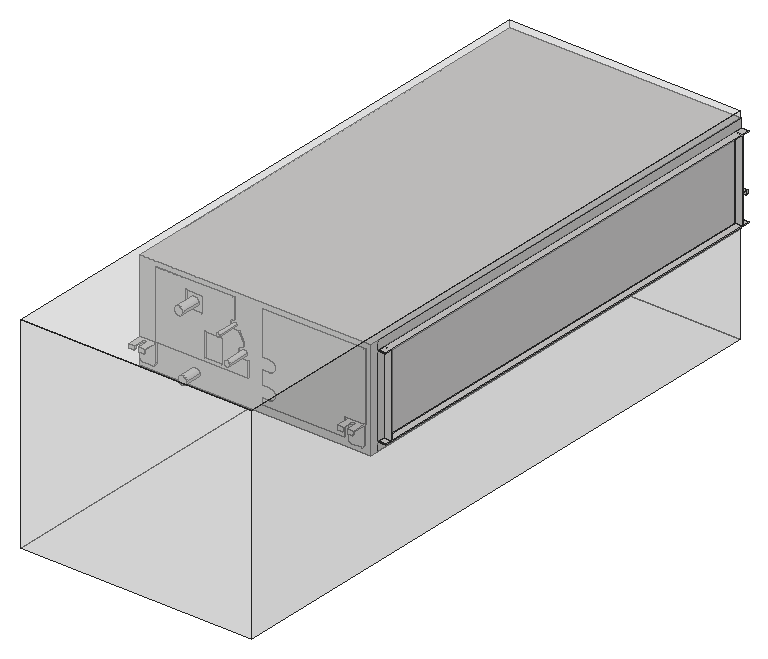
Revit family "outputfile", category 機械設備, Revit 2024
Family settings
  丸型コネクタ寸法 = 半径を使用
  パーツ タイプ = 標準
  OmniClass 番号 = 23.75.10.24.21.27.27
  OmniClass タイトル = Split System Air Conditioning Units
  作業面ベース = いいえ
  常に垂直 = はい
  ロード時にボイドで切り取り = いいえ
  注釈の向きを維持 = いいえ
  共有 = いいえ
  部屋計算ポイント = はい
Parameters (values of type "FDMA100AV1A")
  Description = ""
  製造元 = "Daikin"
  書き出し IFC クラス(タイプ) = "IfcUnitaryEquipmentType"
  定義済み IFC タイプ(タイプ) = "AIRCONDITIONINGUNIT"
  Cost = 0
  モデル = "FDMA100AV1A"
  Type Comments = ""
  Keynote = ""
  Type Image = (empty or 0)
  Assembly Code = ""
  switch_frequency = yes
  r_Liquid Pipe Size = Liquid Pipe Size / 2  # 4.75 mm
  r_Gas Pipe Size = Gas Pipe Size / 2  # 7.95 mm
  r_Drain Pipe Size = Drain Pipe Size / 2  # 12.5 mm
  lw_power = 395.0 mm  # constant formula
  lw_mountinghole1 = if(Depth = 1000.0 mm, 27.0 mm, if(Depth = 1400.0 mm, 28.0 mm, 27.0 mm))  # 28.0 mm
  lh_SA = 165.0 mm  # constant formula
  lw_SA = if(Depth = 550.0 mm, 225.0 mm, if(Depth = 700.0 mm, 300.0 mm, if(Depth = 1000.0 mm, 435.0 mm, if(Depth = 1400.0 mm, 635.0 mm, 725.0 mm))))  # 635.0 mm
  lw_RA = if(Depth = 550.0 mm, 275.0 mm, if(Depth = 700.0 mm, 349.0 mm, if(Depth = 1000.0 mm, 513.0 mm, if(Depth = 1400.0 mm, 713.0 mm, 775.0 mm))))  # 713.0 mm
  lh_power = 60.0 mm + [h***]  # 60.0 mm
  lh_mountinghole1 = lh_mountinghole + [h***]  # 80.0 mm
  lh_RA = 150.0 mm  # constant formula
  ld_power = Depth / 2  # 700.0 mm
  connector_voltage = Voltage_50Hz  # 230 V
  connector_powerinput = [Power Input (Cooling)]  # 2.790 kW
  connector_phase = Phase_50Hz  # 1
  Voltage_comment_50Hz = "220 - 240"
  Voltage_50Hz = 230 V
  URL = ""
  Total Heating Capacity [instance] = 0.000 kW
  Supply Air Direction [instance] = yes
  Sound Power Level_H speed (dB) = 55
  Power Input (Heating) = 3.110 kW
  Phase_50Hz = 1
  Nominal Heating Capacity = 12.000 kW
  Minimum External Static Pressure = 50.00 Pa
  Minimum Circuit Amps_50Hz = 0.0 A
  Maximum Fuse Amps_50Hz = 0.0 A
  Maximum External Static Pressure = 200.00 Pa
  Material_Casing = DAIKIN_GalvanizedSteel_Casing_indoorunit
  lw_mountinghole = 631.0 mm  # constant formula
  lh_gaspipe = 144.0 mm + [h***]  # 144.0 mm
  lh_mountinghole = 80.0 mm  # constant formula
  lh_liquidpipe = 212.0 mm + [h***]  # 212.0 mm
  lh_drainpipe = 232.0 mm + [h***]  # 232.0 mm
  lh_antena = Height - lh_mountinghole + 1.0 mm  # 221.0 mm
  ld_drainpipe = Depth / 2 + 59.0 mm  # 759.0 mm
  ld_liquidpipe = Depth / 2 + 65.0 mm  # 765.0 mm
  ld_gaspipe = Depth / 2 + 65.0 mm  # 765.0 mm
  ld_mountinghole = Depth + 38.0 mm  # 1438.0 mm
  h*** = 0.0 mm  # constant formula
  lw_liquidpipe = 290.0 mm  # constant formula
  lw_gaspipe = 290.0 mm + 28.0 mm  # 318.0 mm
  lw_drainpipe = 167.0 mm  # constant formula
  Width = 700.0 mm
  Version = "ver.1.0"
  Unit Type = "Duct"
  Unit Mass Weight = 93.00 kg
  Unit Designation [instance] = ""
  Uniclass2015Version = "Products v1.30"
  Uniclass2015Title = "Split coil room air conditioning units"
  Uniclass2015Code = "Pr_70_65_03_86"
  Total Cooling Capacity [instance] = 0.000 kW
  Sound Pressure Level_M speed (dBA) = 35.5
  Sound Pressure Level_L speed (dBA) = 3
  Sound Pressure Level_H speed (dBA) = 38
  Series = "SkyAir_Fan Coil Unit"
  Sensible Cooling Capacity [instance] = 0.000 kW
  SA Duct Size Width = 1160.0 mm
  SA Duct Size Height = 215.0 mm
  Refrigerant Type = "R32"
  RA Duct Size Width = 1325.0 mm
  RA Duct Size Height = 247.0 mm
  Power Input (Cooling) = 2.790 kW
  Option Accessory 3 [instance] = ""
  Option Accessory 2 [instance] = ""
  Option Accessory 1 [instance] = ""
  Nominal Cooling Capacity = 10.000 kW
  Minimum Airflow = 1380.00 m³/h
  Median Airflow = 1650.00 m³/h
  Maximum Airflow = 1920.00 m³/h
  Load Classification = HVAC
  Liquid Pipe Size = 9.5 mm
  Link_Nested Family [instance] = ""
  IfcVersion = ""
  IfcExportType = "AIRCONDITIONINGUNIT"
  IfcExportAs = "IfcUnitaryEquipmentType"
  Height = 300.0 mm
  Heating Entering Wet Bulb Temperature [instance] = -273.15 °C
  Heating Entering Dry Bulb Temperature [instance] = -273.15 °C
  Heating Ambient Wet Bulb Temperature [instance] = -273.15 °C
  Heating Ambient Dry Bulb Temperature [instance] = -273.15 °C
  Heat Exchanger Type = "Cross Fin Coil"
  Gas Pipe Size = 15.9 mm
  Frequency_50Hz = 50 Hz
  Fan Type = "Sirocco Fan"
  Fan Drive = "-"
  FCU Tag No. [instance] = ""
  Drain Pipe Size = 25.0 mm
  Design Supply Airflow [instance] = 0.00 m³/h
  Design Return Airflow [instance] = 0.00 m³/h
  Design External Static Pressure [instance] = 0.00 Pa
  Depth = 1400.0 mm
  既定の高さ = 0.0 mm
  Cooling Entering Wet Bulb Temperature [instance] = 0.00 °C
  Cooling Entering Dry Bulb Temperature [instance] = 0.00 °C
  Cooling Ambient Wet Bulb Temperature [instance] = 0.00 °C
  Cooling Ambient Dry Bulb Temperature [instance] = 0.00 °C
  Clearance visibility [instance] = yes
  Clearance Top = 20.0 mm
  Clearance Right = 0.0 mm
  Clearance Rear = 0.0 mm
  Clearance Left = 0.0 mm
  Clearance Front = 450.0 mm
  Clearance Bottom = 300.0 mm
Reference planes
  plane 1 "Center (Front/Back)": y = 0
  plane 2 "h": z = 0
  plane 3 "Center (Left/Right)": x = 0
  plane 4 "Back": y = 700
  plane 5 "Front": y = -700
  plane 6 "Left": x = -350
  plane 7 "Right": x = 350
  plane 8 "Top": z = 0
  plane 9 "Bottom": z = -300
  plane 10: y = -215
  plane 11: y = 700
  plane 12: y = -1150
  plane 13: x = -350
  plane 14: x = 350
  plane 15: z = 20
  plane 16: z = -600
  plane 17: x = -350
  plane 18: x = -349
  plane 19: x = 349
  plane 20: y = 65
  plane 21: y = 13
  plane 22: z = -150
  plane 23: y = -701
  plane 24: z = -88
  plane 25: x = -60
  plane 26: y = -765
  plane 27: z = -156
  plane 28: x = -32
  plane 29: y = -759
  plane 30: z = -68
  plane 31: x = -183
  plane 32: x = -183
  plane 33: x = -60
  plane 34: x = -32
  plane 35: x = 45
  plane 36: x = -322
  plane 37: x = 309
  plane 38: y = -719
  plane 39: y = 719
  plane 40: z = -220
  plane 41: z = -135
  plane 42: y = -765
  plane 43: y = -376
  plane 44: y = -699
  plane 45: x = -373
  plane 46: x = 373
  plane 47: y = -749
Forms (mm)
  Extrusion 1, solid, material "DAIKIN_GalvanizedSteel_Casing_indoorunit" <- "Material_Casing"
    sketch origin (0, 0, 0) x (1, 0, 0) y (0, 1, 0)
      loop
        line (-349, 700) -> (-349, -700) -> (349, -700) -> (349, 700) -> (-349, 700)
    from -300 to 0
  Extrusion 2, solid, material "DAIKIN_GalvanizedSteel_Casing_indoorunit" <- "Material_Casing"
    sketch origin (0, 0, 0) x (1, 0, 0) y (0, 0, 1)
      loop
        line (-298.499, -219) -> (-20, -219) -> (-20, -172.5) -> (-37.831, -172.5)
        arc (-37.831, -172.5) -> (-49.389, -154.034) -> (-34, -138.615) r 17.5
        line (-34, -138.615) -> (-34, -127.5) -> (-47, -100.5) -> (-63.571, -100.5)
        arc (-63.571, -100.5) -> (-72.874, -86.197) -> (-60, -75) r 13
        line (-60, -75) -> (-60, -14) -> (-298.499, -14) -> (-298.499, -219)
      loop
        line (-158.5, -43.5) -> (-207.5, -43.5) -> (-207.5, -92.5) -> (-158.5, -92.5) -> (-158.5, -43.5)
      loop
        line (-150.563, -137.796) -> (-150.563, -209.857) -> (-96.517, -209.857) -> (-96.517, -137.796) -> (-150.563, -137.796)
    from 700 to 701
  Extrusion 3, solid, material "DAIKIN_GalvanizedSteel_Casing_indoorunit" <- "Material_Casing"
    sketch origin (0, 0, 0) x (1, 0, 0) y (0, 0, 1)
      loop
        line (23.104, -274.802) -> (272.104, -274.802) -> (272.104, -219.802) -> (335, -219.802) -> (335, -15.8) -> (23.104, -15.8) -> (23.104, -146.302) -> (46.104, -146.302)
        arc (46.104, -146.302) -> (63.604, -163.802) -> (46.104, -181.302) r 17.5
        line (46.104, -181.302) -> (23.104, -181.302) -> (23.104, -222.302) -> (46.104, -222.302)
        arc (46.104, -222.302) -> (63.604, -239.802) -> (46.104, -257.302) r 17.5
        line (46.104, -257.302) -> (23.104, -257.302) -> (23.104, -274.802)
    from 700 to 701
  Extrusion 4, solid, material "DAIKIN_GalvanizedSteel_Casing_indoorunit" <- "Material_Casing"
    sketch origin (0, 0, 0) x (1, 0, 0) y (0, 0, 1)
      loop
        circle (-60, -88) r 4.75
    from 700 to 765
  Extrusion 5, solid, material "DAIKIN_GalvanizedSteel_Casing_indoorunit" <- "Material_Casing"
    sketch origin (0, 0, 0) x (1, 0, 0) y (0, 0, 1)
      loop
        circle (-32, -156) r 7.95
    from 700 to 765
  Extrusion 6, solid, material "DAIKIN_GalvanizedSteel_Casing_indoorunit" <- "Material_Casing"
    sketch origin (0, 0, 0) x (1, 0, 0) y (0, 0, 1)
      loop
        circle (-183, -68) r 12.5
    from 700 to 759
  Extrusion 7, solid, material "DAIKIN_GalvanizedSteel_Casing_indoorunit" <- "Material_Casing"
    sketch origin (0, 0, 0) x (1, 0, 0) y (0, 0, 1)
      loop
        circle (-180, -260) r 12.5
    from 700 to 749
Dimensions and locks
  "Height": plane 8 "Top" to plane 9 "Bottom"
  equal spacing: plane 4 "Back", plane 1 "Center (Front/Back)", plane 5 "Front"
  "Depth": plane 4 "Back" to plane 5 "Front"
  equal spacing: plane 6 "Left", plane 3 "Center (Left/Right)", plane 7 "Right"
  "Width": plane 6 "Left" to plane 7 "Right"
  "Clearance Left": plane 13 to plane 6 "Left"
  "Clearance Right": plane 7 "Right" to plane 14
  "Clearance Rear": plane 11 to plane 4 "Back"
  "Clearance Front": plane 5 "Front" to plane 12
  "Clearance Top": plane 15 to plane 8 "Top"
  "Clearance Bottom": plane 9 "Bottom" to plane 16
  locked: plane 17 to plane 18 at 1
  locked: plane 19 to plane 14 at 1
  "lw_RA": plane 21 to plane 5 "Front"
  "lh_RA": plane 22 to plane 9 "Bottom"
  locked: plane 5 "Front" to plane 23 at 1
  "lw_liquidpipe": plane 25 to plane 6 "Left"
  "lh_liquidpipe": plane 24 to plane 9 "Bottom"
  "lh_gaspipe": plane 27 to plane 9 "Bottom"
  "lw_gaspipe": plane 28 to plane 6 "Left"
  "ld_gaspipe": plane 26 to plane 1 "Center (Front/Back)"
  "ld_drainpipe": plane 29 to plane 1 "Center (Front/Back)"
  "lh_drainpipe": plane 30 to plane 9 "Bottom"
  "lw_drainpipe": plane 31 to plane 6 "Left"
  "lw_drainpipe": plane 6 "Left" to plane 32
  "lw_liquidpipe": plane 6 "Left" to plane 33
  "lw_gaspipe": plane 6 "Left" to plane 34
  "lw_power": plane 6 "Left" to plane 35
  "lw_mountinghole1": plane 17 to plane 36
  "lw_mountinghole": plane 36 to plane 37
  equal spacing: plane 38, plane 1 "Center (Front/Back)", plane 39
  "ld_mountinghole": plane 39 to plane 38
  "lh_mountinghole": plane 40 to plane 9 "Bottom"
  "lh_SA": plane 41 to plane 9 "Bottom"
  locked: plane 44 to plane 5 "Front" at 1
  locked: plane 45 to plane 17 at 23
  locked: plane 14 to plane 46 at 23
  "ld_liquidpipe": plane 42 to plane 1 "Center (Front/Back)"
  locked: Extrusion 7 sketch curve to plane 18 at 169
  locked: Extrusion 7 sketch curve to plane 9 "Bottom" at 40
  locked: Extrusion 2 sketch curve to Extrusion 2 sketch curve at 205
  locked: Extrusion 2 sketch curve to Extrusion 2 sketch curve at 86.5
  locked: Extrusion 2 sketch curve to Extrusion 2 sketch curve at 72
  locked: Extrusion 2 sketch curve to Extrusion 2 sketch curve at 49  (x2)
  locked: Extrusion 2 sketch curve to Extrusion 2 sketch curve at 29.5
  locked: Extrusion 2 sketch curve to Extrusion 2 sketch curve at 72.061
  locked: Extrusion 2 sketch curve to Extrusion 2 sketch curve at 54.046
  locked: Extrusion 2 sketch curve to Extrusion 2 sketch curve at 98.5
  Extrusion 2 sketch curve to connector elem = 40.0 mm
  locked: Extrusion 2 sketch curve to Extrusion 2 sketch curve at 9.143
  locked: Extrusion 2 sketch curve to plane 18 at 50.501
  locked: plane 5 "Front" to plane 47 at 49
  "lw_SA": plane 4 "Back" to plane 20
  "r_Liquid Pipe Size": radius of Extrusion 4 sketch curve
  "r_Gas Pipe Size": radius of Extrusion 5 sketch curve
  "r_Drain Pipe Size": radius of Extrusion 6 sketch curve
  aligned and locked: level to plane 2 "h"
  aligned and locked: plane 8 "Top" to Extrusion 1
  aligned and locked: Extrusion 1 to plane 9 "Bottom"
  aligned and locked: nested 5 to plane 12
  aligned and locked: plane 13 to nested 5
  aligned and locked: plane 14 to nested 5
  aligned and locked: nested 5 to plane 13
  aligned and locked: plane 11 to nested 5
  aligned and locked: plane 15 to nested 5
  aligned and locked: plane 16 to nested 5
  aligned and locked: plane 5 "Front" to Extrusion 1 sketch curve
  aligned and locked: Extrusion 1 to plane 18
  aligned and locked: plane 19 to Extrusion 1
  aligned and locked: nested 7 to plane 18
  aligned and locked: nested 7 to plane 20
  aligned and locked: plane 19 to nested 8
  aligned and locked: plane 21 to nested 8
  aligned and locked: plane 22 to nested 8
  aligned and locked: Extrusion 2 to plane 23
  aligned and locked: plane 5 "Front" to Extrusion 2
  aligned and locked: plane 5 "Front" to Extrusion 3
  aligned and locked: Extrusion 4 sketch curve to plane 25
  aligned and locked: plane 24 to Extrusion 4 sketch curve
  aligned and locked: plane 5 "Front" to Extrusion 4
  aligned and locked: Extrusion 5 sketch curve to plane 28
  aligned and locked: plane 27 to Extrusion 5 sketch curve
  aligned and locked: plane 5 "Front" to Extrusion 5
  aligned and locked: Extrusion 6 sketch curve to plane 31
  aligned and locked: Extrusion 6 sketch curve to plane 30
  aligned and locked: Extrusion 6 to plane 29
  aligned and locked: nested 3 to plane 29
  aligned and locked: nested 3 to plane 32
  aligned and locked: nested 2 to plane 33
  aligned and locked: nested 1 to plane 34
  aligned and locked: Extrusion 5 to plane 26
  aligned and locked: nested 1 to plane 26
  aligned and locked: nested 6 to plane 5 "Front"
  aligned and locked: nested 6 to plane 35
  aligned and locked: plane 36 to nested 10
  aligned and locked: nested 10 to plane 5 "Front"
  aligned and locked: plane 37 to nested 9
  aligned and locked: nested 9 to plane 5 "Front"
  aligned and locked: nested 11 to plane 36
  aligned and locked: plane 4 "Back" to nested 11
  aligned and locked: nested 12 to plane 37
  aligned and locked: plane 4 "Back" to nested 12
  aligned and locked: plane 40 to nested 10
  aligned and locked: plane 40 to nested 11
  aligned and locked: plane 40 to nested 9
  aligned and locked: plane 40 to nested 12
  aligned and locked: plane 36 to nested 14
  aligned and locked: nested 14 to plane 39
  aligned and locked: plane 37 to nested 13
  aligned and locked: nested 13 to plane 39
  aligned and locked: plane 37 to nested 16
  aligned and locked: plane 38 to nested 16
  aligned and locked: plane 38 to nested 15
  aligned and locked: plane 36 to nested 15
  aligned and locked: plane 17 to plane 6 "Left"
  aligned and locked: plane 41 to nested 7
  aligned and locked: Extrusion 4 to plane 42
  aligned and locked: nested 2 to plane 42
  aligned and locked: Extrusion 3 to plane 23
  aligned and locked: nested 17 to plane 20
  aligned and locked: nested 17 to plane 45
  aligned and locked: plane 21 to nested 18
  aligned and locked: plane 46 to nested 18
  aligned and locked: plane 41 to nested 17
  aligned and locked: nested 18 to plane 22
  aligned and locked: nested 4 to plane 3 "Center (Left/Right)"
  aligned and locked: plane 1 "Center (Front/Back)" to nested 4
  aligned and locked: level to plane 8 "Top"
  aligned and locked: plane 5 "Front" to Extrusion 6
  aligned and locked: plane 5 "Front" to Extrusion 7
  aligned and locked: Extrusion 7 to plane 47
Automatic sketch dimensions
  plane 6 "Left" to Extrusion 1 sketch curve = 1.0 mm
  Extrusion 1 sketch curve to plane 7 "Right" = 1.0 mm
  Extrusion 1 sketch curve to plane 4 "Back" = 0.0 mm
  Extrusion 2 sketch curve to Extrusion 2 sketch curve = 13.0 mm
  Extrusion 2 sketch curve to Extrusion 2 sketch curve = 16.571 mm
  plane 41 to Extrusion 2 sketch curve = 7.5 mm
  Extrusion 2 sketch curve to plane 41 = 3.615 mm
  Extrusion 2 sketch curve to Extrusion 2 sketch curve = 2.0 mm
  Extrusion 2 sketch curve to Extrusion 2 sketch curve = 5.831 mm
  plane 40 to Extrusion 2 sketch curve = 1.0 mm
  Extrusion 2 sketch curve to Extrusion 2 sketch curve = 12.5 mm
  Extrusion 2 sketch curve to plane 33 = 90.563 mm
  plane 3 "Center (Left/Right)" to Extrusion 3 sketch curve = 23.104 mm
  Extrusion 3 sketch curve to level = 15.8 mm
  Extrusion 3 sketch curve to plane 19 = 14.0 mm
  plane 40 to Extrusion 3 sketch curve = 0.198 mm
  Extrusion 3 sketch curve to plane 37 = 36.896 mm
  plane 9 "Bottom" to Extrusion 3 sketch curve = 25.198 mm  (x2)
  Extrusion 2 sketch curve to plane 33 = 147.5 mm
  Extrusion 2 sketch curve to Extrusion 2 sketch curve = 17.831 mm
  plane 35 to Extrusion 3 sketch curve = 1.104 mm  (x2)
  plane 22 to Extrusion 3 sketch curve = 3.698 mm
  Extrusion 3 sketch curve to plane 40 = 2.302 mm
  Extrusion 3 sketch curve to Extrusion 3 sketch curve = 17.5 mm
  Extrusion 3 sketch curve to plane 22 = 31.302 mm
  Extrusion 3 sketch curve to plane 35 = 21.896 mm
  Extrusion 3 sketch curve to Extrusion 3 sketch curve = 0.0 mm
  radius of Extrusion 7 sketch curve = 12.5 mm
Nested families
  nested 1: "daikin_connector_rotate2" at (-32, 0, -156), length <- "ld_gaspipe", built-in parameter 1001364 <- "lh_gaspipe", radius <- "r_Gas Pipe Size", type "daikin_connector_rotate2"
    with radius 7.95 mm, length 765.0 mm, angle_vertical 90.00°
  nested 2: "daikin_connector_rotate2" at (-60, 0, -88), length <- "ld_liquidpipe", built-in parameter 1001364 <- "lh_liquidpipe", radius <- "r_Liquid Pipe Size", type "daikin_connector_rotate2"
    with radius 4.75 mm, length 765.0 mm, angle_vertical 90.00°
  nested 3: "daikin_connector_rotate2" at (-183, 0, -68), length <- "ld_drainpipe", built-in parameter 1001364 <- "lh_drainpipe", radius <- "r_Drain Pipe Size", type "daikin_connector_rotate2"
    with radius 12.5 mm, length 759.0 mm, angle_vertical 90.00°
  nested 4: "daikin_△_symbolicline" at (0, 0, 300) x (0, -1, 0) z (0, 0, 1), built-in parameter 1001364 <- "Height", visible <- "Supply Air Direction", type "daikin_△_symbolicline"
    with length 200.0 mm
  nested 5: "daikin_clearancespace" at (0, -225, -289.881), visible <- "Clearance visibility", show <- "Clearance visibility", Link_Nested Family <- "Link_Nested Family", type "daikin_clearancespace"
    with width 700.0 mm, show yes, height 620.0 mm, depth 1850.0 mm, Link_Nested Family ""
  nested 6: "daikin_connector_rotate2" at (45, 0, -240), built-in parameter 1001364 <- "lh_power", length <- "ld_power", type "daikin_connector_rotate2"
    with radius 10.0 mm, length 700.0 mm, angle_vertical 90.00°
  nested 7: "daikin_ductflange_FDMA-AV1A2" at (-349, 65, -135) x (0, -1, 0) z (0, 0, 1), type "daikin_ductflange_FDMA-AV1A2"
    with width 1160.0 mm, w 1400.0 mm
  nested 8: "daikin_ductflange_FDMA-AV1A" at (349, 13, -150) x (0, 1, 0) z (0, 0, 1), type "daikin_ductflange_FDMA-AV1A"
    with width 1325.0 mm, w 1400.0 mm
  nested 9: "daikin_hangerfixture_FDMA-AV1A" at (309, -700, -220), type "daikin_hangerfixture_FDMA-AV1A"
  nested 10: "daikin_hangerfixture_FDMA-AV1A" at (-322, -700, -220), type "daikin_hangerfixture_FDMA-AV1A"
  nested 11: "daikin_hangerfixture_FDMA-AV1A" at (-322, 700, -220) x (-1, 0, 0) z (0, 0, 1), type "daikin_hangerfixture_FDMA-AV1A"
  nested 12: "daikin_hangerfixture_FDMA-AV1A" at (309, 700, -220) x (-1, 0, 0) z (0, 0, 1), type "daikin_hangerfixture_FDMA-AV1A"
  nested 13: "daikin_mountinghole" at (309, 719, -300), h_mountinghole <- "lh_mountinghole1", l_antenna <- "lh_antena", Link_Nested Family <- "Link_Nested Family", type "daikin_mountinghole"
    with show yes, l_antenna 221.0 mm, h_mountinghole 80.0 mm, Link_Nested Family ""
  nested 14: "daikin_mountinghole" at (-322, 719, -300), h_mountinghole <- "lh_mountinghole1", l_antenna <- "lh_antena", Link_Nested Family <- "Link_Nested Family", type "daikin_mountinghole"
    with show yes, l_antenna 221.0 mm, h_mountinghole 80.0 mm, Link_Nested Family ""
  nested 15: "daikin_mountinghole" at (-322, -719, -300), h_mountinghole <- "lh_mountinghole1", l_antenna <- "lh_antena", Link_Nested Family <- "Link_Nested Family", type "daikin_mountinghole"
    with show yes, l_antenna 221.0 mm, h_mountinghole 80.0 mm, Link_Nested Family ""
  nested 16: "daikin_mountinghole" at (309, -719, -300), h_mountinghole <- "lh_mountinghole1", l_antenna <- "lh_antena", Link_Nested Family <- "Link_Nested Family", type "daikin_mountinghole"
    with show yes, l_antenna 221.0 mm, h_mountinghole 80.0 mm, Link_Nested Family ""
  nested 17: "daikin_connector_rotate2" at (-349, 65, -135) x (0, -1, 0) z (0, 0, 1), type "daikin_connector_rotate2"
    with radius 10.0 mm, length 24.0 mm, angle_vertical 90.00°
  nested 18: "daikin_connector_rotate2" at (349, 13, -150) x (0, 1, 0) z (0, 0, 1), type "daikin_connector_rotate2"
    with radius 10.0 mm, length 24.0 mm, angle_vertical 90.00°
Connectors
  piping at (-183, -759, -68), diameter 25, driven by "r_Drain Pipe Size"
    settings: on nested 3, index 3, connector inside diameter 609.6 mm, connector length 0.0 mm, flow factor 0, pipe flow 0.00 m³/h, pressure drop 0.0 Pa, fitting loss kfactor 0, connector angle 0.00°, fixture units 0, engagement length 0.0 mm, angle of deflection 0.00°, flow configuration 1, flow direction 2, fitting loss method 4, system type 16, joint type 0, gender type 0, connector reference index -1, connector utility 0, adjustable connector no, is connector primary yes, connector description "Condensate Drain Piping"
  piping at (-32, -765, -156), diameter 15.9, driven by "r_Gas Pipe Size"
    settings: on nested 1, index 4, connector inside diameter 609.6 mm, connector length 0.0 mm, flow factor 0, pipe flow 0.00 m³/h, pressure drop 0.0 Pa, fitting loss kfactor 0, connector angle 0.00°, fixture units 0, engagement length 0.0 mm, angle of deflection 0.00°, flow configuration 1, flow direction 2, fitting loss method 0, system type 29, joint type 0, gender type 0, connector reference index -1, connector utility 0, adjustable connector no, is connector primary no, connector description "Refrigerant Gas Piping"
  piping at (-60, -765, -88), diameter 9.5, driven by "r_Liquid Pipe Size"
    settings: on nested 2, index 5, connector inside diameter 609.6 mm, connector length 0.0 mm, flow factor 0, pipe flow 0.00 m³/h, pressure drop 0.0 Pa, fitting loss kfactor 0, connector angle 0.00°, fixture units 0, engagement length 0.0 mm, angle of deflection 0.00°, flow configuration 1, flow direction 1, fitting loss method 0, system type 29, joint type 0, gender type 0, connector reference index -1, connector utility 0, adjustable connector no, is connector primary no, connector description "Refrigerant Liquid Piping"
  electrical at (45, -700, -240), driven by "Load Classification", driven by "connector_phase", driven by "connector_powerinput", driven by "connector_voltage"
    settings: on nested 6, index 6, voltage 230 V, apparent load 2790 VA, apparent load phase1 0 VA, apparent load phase2 0 VA, apparent load phase3 0 VA, power factor 1, load classification "HVAC", number of poles 1, system type 30, power factor state 1, is connector primary yes, connector utility no, sub classification motor no, connector description "Power Supply"
  hvac at (-373, 65, -135), driven by "SA Duct Size Height", driven by "SA Duct Size Width"
    settings: on nested 17, index 7, duct flow 0.00 m³/h, flow factor 0, pres drop 0.00 Pa, loss coef 0, conn angle 0.00°, conn width 1160.0 mm, conn height 215.0 mm, conn diameter 609.6 mm, duct sys type 1, conn prof type 1, flow config 0, flow direction 2, loss method 4, conn ref index -1, conn util no, is conn primary yes, conn desc "SA Duct"
  hvac at (373, 13, -150), driven by "RA Duct Size Height", driven by "RA Duct Size Width"
    settings: on nested 18, index 8, duct flow 0.00 m³/h, flow factor 0, pres drop 0.00 Pa, loss coef 0, conn angle 0.00°, conn width 1325.0 mm, conn height 247.0 mm, conn diameter 609.6 mm, duct sys type 2, conn prof type 1, flow config 0, flow direction 1, loss method 4, conn ref index -1, conn util no, is conn primary no, conn desc "RA Duct"
Definition of nested family "daikin_clearancespace"
  Parameters (values of type "daikin_clearancespace")
    Description = "daikin_clearancespace"
    width [instance] = 1823.963 mm
    show [instance] = yes
    material = none
    height [instance] = 1359.762 mm
    depth [instance] = 880.0 mm
    Default Elevation = 0.0 mm
    Link_Nested Family [instance] = ""
  Reference planes
    plane 1 "Center (Front/Back)": y = 0
    plane 2 "Center (Elevation)": z = -0.119
    plane 3 "Center (Left/Right)": x = 0
    plane 4: y = 440
    plane 5: y = -440
    plane 6 "Right": x = 911.982
    plane 7 "Left": x = -911.982
    plane 8 "Top": z = 679.762
    plane 9 "Bottom": z = -680
  Forms (mm)
    Extrusion 1, solid, material <- "material", visible <- "show"
      sketch origin (0, 0, 0) x (1, 0, 0) y (0, 1, 0)
        loop
          line (-911.982, 440) -> (-911.982, -440) -> (911.982, -440) -> (911.982, 440) -> (-911.982, 440)
      from -680 to 679.762
  Lines and regions (mm)
    symbolic lines, visible <- "show"
      curve 1: line (911.982, 440, 0) -> (-911.982, 440, 0)
      curve 2: line (-911.982, 440, 0) -> (-911.982, -440, 0)
      curve 3: line (-911.982, -440, 0) -> (911.982, -440, 0)
      curve 4: line (911.982, -440, 0) -> (911.982, 440, 0)
      curve 5: line (911.982, 0, 679.762) -> (-911.982, 0, 679.762)
      curve 6: line (911.982, 0, -680) -> (911.982, 0, 679.762)
      curve 7: line (-911.982, 0, -680) -> (911.982, 0, -680)
      curve 8: line (-911.982, 0, 679.762) -> (-911.982, 0, -680)
      curve 9: line (0, 440, 679.762) -> (0, -440, 679.762)
      curve 10: line (0, -440, 679.762) -> (0, -440, -680)
      curve 11: line (0, 440, -680) -> (0, 440, 679.762)
      curve 12: line (0, -440, -680) -> (0, 440, -680)
  Dimensions and locks
    "width": plane 7 "Left" to plane 6 "Right"
    "depth": plane 4 to plane 5
    "height": plane 8 "Top" to plane 9 "Bottom"
    equal spacing: plane 7 "Left", plane 3 "Center (Left/Right)", plane 6 "Right"
    equal spacing: plane 4, plane 1 "Center (Front/Back)", plane 5
    equal spacing: plane 8 "Top", plane 2 "Center (Elevation)", plane 9 "Bottom"
    aligned and locked: level to plane 2 "Center (Elevation)"
    aligned and locked: Extrusion 1 sketch curve to plane 4
    aligned and locked: plane 7 "Left" to Extrusion 1 sketch curve
    aligned and locked: Extrusion 1 sketch curve to plane 5
    aligned and locked: Extrusion 1 sketch curve to plane 6 "Right"
    aligned and locked: plane 8 "Top" to Extrusion 1
    aligned and locked: curve 1 to Extrusion 1
    aligned and locked: curve 2 to Extrusion 1
    aligned and locked: curve 3 to Extrusion 1
    aligned and locked: curve 4 to Extrusion 1
    aligned and locked: curve 5 to Extrusion 1
    aligned and locked: curve 6 to Extrusion 1
    aligned and locked: curve 7 to Extrusion 1
    aligned and locked: curve 8 to Extrusion 1
    aligned and locked: curve 9 to Extrusion 1
    aligned and locked: curve 10 to Extrusion 1
    aligned and locked: curve 11 to Extrusion 1
    aligned and locked: curve 12 to Extrusion 1
    aligned and locked: Extrusion 1 to plane 9 "Bottom"
Definition of nested family "daikin_ductflange_FDMA-AV1A2"
  Parameters (values of type "daikin_ductflange_FBFC-DVM92")
    width = if(w = 550.0 mm, 337.0 mm, if(w = 700.0 mm, 492.0 mm, if(w = 1000.0 mm, 760.0 mm, if(w = 1400.0 mm, 1160.0 mm, 1337.0 mm))))  # 760.0 mm
    material = none
    height = 215.0 mm
    depth = 1.0 mm
    w = 1000.0 mm
    Default Elevation = 0.0 mm
  Reference planes
    plane 1 "Center (Front/Back)": y = 0
    plane 2: z = 0
    plane 3 "Center (Left/Right)": x = 0
    plane 4: z = 107.5
    plane 5: z = -107.5
    plane 6: y = -24
    plane 7: z = 132.5
    plane 8: z = 108.5
    plane 9: y = -1
    plane 10: x = -402.5
    plane 11: x = 402.5
    plane 12: z = -132.5
    plane 13: z = -108.5
    plane 14: y = -1
    plane 15: x = 380
    plane 16: x = -380
    plane 17: x = 381
    plane 18: z = 106.5
    plane 19: z = -106.5
    plane 20: x = -381
    plane 21: z = 106.5
    plane 22: z = -106.5
    plane 23: y = -1
  Forms (mm)
    Extrusion 1, solid, material <- "material"
      sketch origin (0, 0, 0) x (0, 1, 0) y (0, 0, 1)
        loop
          line (-24, 107.5) -> (0, 107.5) -> (0, 132.5) -> (-1, 132.5) -> (-1, 108.5) -> (-24, 108.5) -> (-24, 107.5)
      from -402.5 to 402.5
    Extrusion 2, solid, material <- "material"
      sketch origin (0, 0, 0) x (0, 1, 0) y (0, 0, 1)
        loop
          line (-24, -107.5) -> (-24, -108.5) -> (-1, -108.5) -> (-1, -132.5) -> (0, -132.5) -> (0, -107.5) -> (-24, -107.5)
      from -402.5 to 402.5
    Extrusion 3, solid, material <- "material"
      sketch origin (0, 0, 0) x (1, 0, 0) y (0, 0, 1)
        loop
          line (380, 107.5) -> (380, -107.5) -> (402.5, -107.5) -> (402.5, -106.5) -> (381, -106.5) -> (381, 106.5) -> (402.5, 106.5) -> (402.5, 107.5) -> (380, 107.5)
      from 0 to 24
    Extrusion 4, solid, material <- "material"
      sketch origin (0, 0, 0) x (1, 0, 0) y (0, 0, 1)
        loop
          line (-402.5, 107.5) -> (-402.5, 106.5) -> (-381, 106.5) -> (-381, -106.5) -> (-402.5, -106.5) -> (-402.5, -107.5) -> (-380, -107.5) -> (-380, 107.5) -> (-402.5, 107.5)
      from 0 to 24
    Extrusion 5, solid, material <- "material"
      sketch origin (0, 0, 0) x (1, 0, 0) y (0, 0, 1)
        loop
          line (-402.5, 107.5) -> (-402.5, -107.5) -> (-380, -107.5) -> (-380, 107.5) -> (-402.5, 107.5)
        loop
          line (402.5, 107.5) -> (380, 107.5) -> (380, -107.5) -> (402.5, -107.5) -> (402.5, 107.5)
      from 0 to 1
  Cuts and joins
    joined: Extrusion 1, Extrusion 2, Extrusion 3, Extrusion 4, Extrusion 5
  Dimensions and locks
    plane 4 to level to plane 5 = 107.5 mm, 107.5 mm
    locked: plane 6 to plane 1 "Center (Front/Back)" at 24
    locked: plane 9 to plane 1 "Center (Front/Back)" at 1
    locked: plane 8 to plane 4 at 1
    locked: plane 16 to plane 10 at 22.5
    locked: plane 17 to plane 15 at 1
    locked: plane 4 to plane 18 at 1
    locked: plane 19 to plane 5 at 1
    "width": plane 15 to plane 16
    plane 4 to plane 5 = 215.0 mm
    locked: plane 16 to plane 20 at 1
    locked: plane 4 to plane 21 at 1
    locked: plane 22 to plane 5 at 1
    locked: plane 23 to plane 1 "Center (Front/Back)" at 1
    plane 4 to level to plane 5 = 107.5 mm locked, 107.5 mm locked
    locked: plane 5 to plane 13 at 1
    locked: plane 5 to plane 12 at 25
    locked: plane 7 to plane 4 at 25
    equal spacing: plane 15, plane 3 "Center (Left/Right)", plane 16
    locked: plane 11 to plane 15 at 22.5
    plane 11 to plane 10 = 805.0 mm
    aligned and locked: level to plane 2
    aligned and locked: Extrusion 1 to plane 10
    aligned and locked: plane 11 to Extrusion 1
    aligned and locked: plane 5 to Extrusion 2
    aligned and locked: Extrusion 2 to plane 1 "Center (Front/Back)"
    aligned and locked: plane 15 to Extrusion 3 sketch curve
    aligned and locked: Extrusion 3 sketch curve to Extrusion 2  (x2)
    aligned and locked: Extrusion 3 sketch curve to plane 11
    aligned and locked: plane 6 to Extrusion 3
    aligned and locked: Extrusion 2 to plane 10
    aligned and locked: plane 11 to Extrusion 2
    aligned and locked: Extrusion 4 sketch curve to Extrusion 1  (x2)
    aligned and locked: plane 5 to Extrusion 4 sketch curve
    aligned and locked: Extrusion 4 sketch curve to plane 16
    aligned and locked: Extrusion 4 sketch curve to plane 22
    aligned and locked: plane 20 to Extrusion 4 sketch curve
    aligned and locked: plane 21 to Extrusion 4 sketch curve
    aligned and locked: Extrusion 4 to plane 1 "Center (Front/Back)"
    aligned and locked: plane 6 to Extrusion 4
    aligned and locked: Extrusion 5 sketch curve to Extrusion 1  (x4)
    aligned and locked: Extrusion 5 sketch curve to Extrusion 4  (x2)
    aligned and locked: Extrusion 5 sketch curve to Extrusion 3  (x2)
    aligned and locked: Extrusion 5 to plane 1 "Center (Front/Back)"
    aligned and locked: plane 23 to Extrusion 5
  Automatic sketch dimensions
    Extrusion 1 sketch curve to plane 6 = 0.0 mm
    Extrusion 1 sketch curve to plane 7 = 0.0 mm
    Extrusion 1 sketch curve to plane 9 = 0.0 mm
    Extrusion 1 sketch curve to plane 1 "Center (Front/Back)" = 0.0 mm
    Extrusion 1 sketch curve to plane 4 = 0.0 mm
    Extrusion 1 sketch curve to plane 8 = 0.0 mm
    Extrusion 2 sketch curve to plane 6 = 0.0 mm
    plane 12 to Extrusion 2 sketch curve = 0.0 mm
    Extrusion 2 sketch curve to plane 14 = 0.0 mm
    Extrusion 2 sketch curve to plane 1 "Center (Front/Back)" = 0.0 mm
    plane 13 to Extrusion 2 sketch curve = 0.0 mm
    Extrusion 2 sketch curve to plane 5 = 0.0 mm
    Extrusion 3 sketch curve to plane 17 = 0.0 mm
    Extrusion 3 sketch curve to plane 19 = 0.0 mm
    Extrusion 3 sketch curve to plane 18 = 0.0 mm
    Extrusion 3 sketch curve to plane 4 = 0.0 mm
    Extrusion 4 sketch curve to plane 10 = 0.0 mm
Definition of nested family "daikin_ductflange_FDMA-AV1A"
  Parameters (values of type "daikin_ductflange_FBFC-DVM9")
    width = if(w = 550.0 mm, 502.0 mm, if(w = 700.0 mm, 654.0 mm, if(w = 1000.0 mm, 925.0 mm, if(w = 1400.0 mm, 1325.0 mm, 1502.0 mm))))  # 925.0 mm
    material = none
    lw = if(width = 654.0 mm, 23.0 mm, 22.5 mm)  # 22.5 mm
    height = 247.0 mm
    depth = 1.0 mm
    w = 1000.0 mm
    Default Elevation = 0.0 mm
  Reference planes
    plane 1 "Center (Front/Back)": y = 0
    plane 2: z = 0
    plane 3 "Center (Left/Right)": x = 0
    plane 4: z = 123.5
    plane 5: z = -123.5
    plane 6: y = -24
    plane 7: z = 148.5
    plane 8: z = 124.5
    plane 9: y = -1
    plane 10: x = -485
    plane 11: x = 485
    plane 12: z = -149.5
    plane 13: z = -124.5
    plane 14: y = -1
    plane 15: x = 462.5
    plane 16: x = -462.5
    plane 17: x = 463.5
    plane 18: z = 122.5
    plane 19: z = -122.5
    plane 20: x = -463.5
    plane 21: z = 122.5
    plane 22: z = -122.5
    plane 23: y = -1
  Forms (mm)
    Extrusion 1, solid, material <- "material"
      sketch origin (0, 0, 0) x (0, 1, 0) y (0, 0, 1)
        loop
          line (-24, 123.5) -> (0, 123.5) -> (0, 148.5) -> (-1, 148.5) -> (-1, 124.5) -> (-24, 124.5) -> (-24, 123.5)
      from -485 to 485
    Extrusion 2, solid, material <- "material"
      sketch origin (0, 0, 0) x (0, 1, 0) y (0, 0, 1)
        loop
          line (-24, -123.5) -> (-24, -124.5) -> (-1, -124.5) -> (-1, -149.5) -> (0, -149.5) -> (0, -123.5) -> (-24, -123.5)
      from -485 to 485
    Extrusion 3, solid, material <- "material"
      sketch origin (0, 0, 0) x (1, 0, 0) y (0, 0, 1)
        loop
          line (462.5, 123.5) -> (462.5, -123.5) -> (485, -123.5) -> (485, -122.5) -> (463.5, -122.5) -> (463.5, 122.5) -> (485, 122.5) -> (485, 123.5) -> (462.5, 123.5)
      from 0 to 24
    Extrusion 4, solid, material <- "material"
      sketch origin (0, 0, 0) x (1, 0, 0) y (0, 0, 1)
        loop
          line (-485, 123.5) -> (-485, 122.5) -> (-463.5, 122.5) -> (-463.5, -122.5) -> (-485, -122.5) -> (-485, -123.5) -> (-462.5, -123.5) -> (-462.5, 123.5) -> (-485, 123.5)
      from 0 to 24
    Extrusion 5, solid, material <- "material"
      sketch origin (0, 0, 0) x (1, 0, 0) y (0, 0, 1)
        loop
          line (-485, 123.5) -> (-485, -123.5) -> (-462.5, -123.5) -> (-462.5, 123.5) -> (-485, 123.5)
        loop
          line (485, 123.5) -> (462.5, 123.5) -> (462.5, -123.5) -> (485, -123.5) -> (485, 123.5)
      from 0 to 1
  Cuts and joins
    joined: Extrusion 1, Extrusion 2, Extrusion 3, Extrusion 4, Extrusion 5
  Dimensions and locks
    plane 4 to level to plane 5 = 123.5 mm, 123.5 mm
    locked: plane 6 to plane 1 "Center (Front/Back)" at 24
    locked: plane 9 to plane 1 "Center (Front/Back)" at 1
    locked: plane 8 to plane 4 at 1
    "lw": plane 11 to plane 15
    "lw": plane 16 to plane 10
    locked: plane 17 to plane 15 at 1
    locked: plane 4 to plane 18 at 1
    locked: plane 19 to plane 5 at 1
    "width": plane 15 to plane 16
    equal spacing: plane 15, plane 3 "Center (Left/Right)", plane 16
    locked: plane 16 to plane 20 at 1
    locked: plane 4 to plane 21 at 1
    locked: plane 22 to plane 5 at 1
    locked: plane 23 to plane 1 "Center (Front/Back)" at 1
    locked: plane 7 to plane 4 at 25
    locked: plane 1 "Center (Front/Back)" to plane 14 at 1
    locked: plane 5 to plane 13 at 1
    "height": plane 4 to plane 5
    plane 11 to plane 10 = 970.0 mm
    locked: plane 12 to plane 13 at 25
    equal spacing: plane 4, level, plane 5
    aligned and locked: level to plane 2
    aligned and locked: Extrusion 1 to plane 10
    aligned and locked: plane 11 to Extrusion 1
    aligned and locked: plane 5 to Extrusion 2
    aligned and locked: Extrusion 2 to plane 1 "Center (Front/Back)"
    aligned and locked: plane 15 to Extrusion 3 sketch curve
    aligned and locked: Extrusion 3 sketch curve to Extrusion 2  (x2)
    aligned and locked: Extrusion 3 sketch curve to plane 11
    aligned and locked: plane 6 to Extrusion 3
    aligned and locked: Extrusion 2 to plane 10
    aligned and locked: plane 11 to Extrusion 2
    aligned and locked: Extrusion 4 sketch curve to Extrusion 1  (x2)
    aligned and locked: plane 5 to Extrusion 4 sketch curve
    aligned and locked: Extrusion 4 sketch curve to plane 16
    aligned and locked: Extrusion 4 sketch curve to plane 22
    aligned and locked: plane 20 to Extrusion 4 sketch curve
    aligned and locked: plane 21 to Extrusion 4 sketch curve
    aligned and locked: Extrusion 4 to plane 1 "Center (Front/Back)"
    aligned and locked: plane 6 to Extrusion 4
    aligned and locked: Extrusion 5 sketch curve to Extrusion 1  (x4)
    aligned and locked: Extrusion 5 sketch curve to Extrusion 4  (x2)
    aligned and locked: Extrusion 5 sketch curve to Extrusion 3  (x2)
    aligned and locked: Extrusion 5 to plane 1 "Center (Front/Back)"
    aligned and locked: plane 23 to Extrusion 5
  Automatic sketch dimensions
    Extrusion 1 sketch curve to plane 6 = 0.0 mm
    Extrusion 1 sketch curve to plane 7 = 0.0 mm
    Extrusion 1 sketch curve to plane 9 = 0.0 mm
    Extrusion 1 sketch curve to plane 1 "Center (Front/Back)" = 0.0 mm
    Extrusion 1 sketch curve to plane 4 = 0.0 mm
    Extrusion 1 sketch curve to plane 8 = 0.0 mm
    Extrusion 2 sketch curve to plane 6 = 0.0 mm
    plane 12 to Extrusion 2 sketch curve = 0.0 mm
    Extrusion 2 sketch curve to plane 14 = 0.0 mm
    Extrusion 2 sketch curve to plane 1 "Center (Front/Back)" = 0.0 mm
    plane 13 to Extrusion 2 sketch curve = 0.0 mm
    Extrusion 2 sketch curve to plane 5 = 0.0 mm
    Extrusion 3 sketch curve to plane 17 = 0.0 mm
    Extrusion 3 sketch curve to plane 19 = 0.0 mm
    Extrusion 3 sketch curve to plane 18 = 0.0 mm
    Extrusion 3 sketch curve to plane 4 = 0.0 mm
    Extrusion 4 sketch curve to plane 10 = 0.0 mm
Definition of nested family "daikin_hangerfixture_FDMA-AV1A"
  Parameters (values of type "daikin_hangerfixture_FBFC-DVM9")
    width = 80.0 mm
    material = none
    height = 65.0 mm
    depth = 50.0 mm
    Default Elevation = 0.0 mm
  Reference planes
    plane 1 "Center (Front/Back)": y = 0
    plane 2: z = 0
    plane 3 "Center (Left/Right)": x = 0
    plane 4: y = 417.146
    plane 5: y = -45
    plane 6: x = -24
    plane 7: x = 24
    plane 8: z = -2.3
    plane 9: z = -65
    plane 10: y = -2.3
    plane 11: z = -12
    plane 12: y = -42.7
  Forms (mm)
    Extrusion 1, solid, material <- "material"
      sketch origin (0, 0, 0) x (1, 0, 0) y (0, 1, 0)
        loop
          line (-24, 0) -> (-24, -45) -> (-6, -45) -> (-6, -19)
          arc (-6, -19) -> (0, -13) -> (6, -19) r 6
          line (6, -19) -> (6, -45) -> (24, -45) -> (24, 0) -> (-24, 0)
      from 0 to -2.3
    Extrusion 2, solid, material <- "material"
      sketch origin (0, 0, 0) x (1, 0, 0) y (0, 0, 1)
        loop
          line (24, -55) -> (24, 0) -> (-24, 0) -> (-24, -55)
          arc (-24, -55) -> (-21.071, -62.071) -> (-14, -65) r 10
          line (-14, -65) -> (14, -65)
          arc (14, -65) -> (21.071, -62.071) -> (24, -55) r 10
      from 0 to 2.3
    Extrusion 3, solid, material <- "material"
      sketch origin (0, 0, 0) x (1, 0, 0) y (0, 0, 1)
        loop
          line (-24, 0) -> (-24, -9)
          arc (-24, -9) -> (-23.121, -11.121) -> (-21, -12) r 3
          line (-21, -12) -> (-9, -12)
          arc (-9, -12) -> (-6.879, -11.121) -> (-6, -9) r 3
          line (-6, -9) -> (-6, 0) -> (-24, 0)
        loop
          line (24, 0) -> (6, 0) -> (6, -9)
          arc (6, -9) -> (6.879, -11.121) -> (9, -12) r 3
          line (9, -12) -> (21, -12)
          arc (21, -12) -> (23.121, -11.121) -> (24, -9) r 3
          line (24, -9) -> (24, 0)
      from 42.7 to 45
  Cuts and joins
    joined: Extrusion 1, Extrusion 2, Extrusion 3
  Dimensions and locks
    plane 2 to plane 8 = 2.3 mm
    "height": plane 2 to plane 9
    locked: plane 10 to plane 1 "Center (Front/Back)" at 2.3
    locked: plane 2 to plane 11 at 12
    locked: plane 12 to plane 5 at 2.3
    plane 5 to plane 1 "Center (Front/Back)" = 45.0 mm
    aligned and locked: level to plane 2
    aligned and locked: Extrusion 1 to plane 8
    aligned and locked: plane 2 to Extrusion 1
    aligned and locked: plane 2 to Extrusion 2 sketch curve
    aligned and locked: Extrusion 2 to plane 10
    aligned and locked: Extrusion 2 to plane 1 "Center (Front/Back)"
  Automatic sketch dimensions
    Extrusion 3 sketch curve to level = 0.0 mm  (x2)
    Extrusion 3 sketch curve to plane 11 = 0.0 mm  (x2)
    plane 11 to Extrusion 3 sketch curve = 3.0 mm  (x2)
    plane 3 "Center (Left/Right)" to Extrusion 3 sketch curve = 6.0 mm
    Extrusion 3 sketch curve to Extrusion 3 sketch curve = 3.0 mm  (x2)
    plane 1 "Center (Front/Back)" to Extrusion 1 sketch curve = 0.0 mm
    Extrusion 1 sketch curve to plane 3 "Center (Left/Right)" = 0.0 mm
    Extrusion 1 sketch curve to plane 3 "Center (Left/Right)" = 6.0 mm
    plane 6 to Extrusion 1 sketch curve = 0.0 mm
    Extrusion 1 sketch curve to plane 7 = 0.0 mm
    Extrusion 1 sketch curve to plane 10 = 16.7 mm
    Extrusion 1 sketch curve to plane 5 = 0.0 mm  (x2)
    Extrusion 3 sketch curve to plane 3 "Center (Left/Right)" = 6.0 mm
    Extrusion 3 sketch curve to Extrusion 3 sketch curve = 12.0 mm  (x2)
    Extrusion 2 sketch curve to plane 6 = 0.0 mm
    Extrusion 2 sketch curve to plane 9 = 0.0 mm
    Extrusion 2 sketch curve to plane 7 = 0.0 mm
    plane 6 to Extrusion 2 sketch curve = 10.0 mm
    plane 3 "Center (Left/Right)" to Extrusion 2 sketch curve = 14.0 mm
Definition of nested family "daikin_connector_rotate2"
  Parameters (values of type "daikin_connector_rotate2")
    Default Elevation = 1219.2 mm
    show_face = no
    radius [instance] = 10.0 mm
    length [instance] = 600.0 mm
    d_surface = 10.0 mm
    angle_vertical [instance] = 90.00°
  Reference planes
    plane 1 "Center (Front/Back)": y = 0
    plane 2: z = 0
    plane 3 "Center (Left/Right)": x = 0
  Forms (mm)
    Extrusion 1, solid, visible <- "show_face"
      sketch origin (0, -600, 0) x (1, 0, 0) y (0, 0, 1)
        loop
          circle (0, 0) r 10
      from 0 to -10
  Lines and regions (mm)
    reference lines
      curve 1: line (0, 0, 0) -> (0, -600, 0)
    symbolic lines
      curve 2: circle (0, 0, 0) r 5 normal (0, 0, 1)
    model lines, visible <- "show_face"
      curve 3: line (0, 0, 0) -> (0, -600, 0)
  Dimensions and locks
    "length": curve 1 to curve 1
    "length": curve 3 to curve 3
    "d_surface": Extrusion 1 to Extrusion 1
    "radius": radius of Extrusion 1 sketch curve
    "angle_vertical": angle curve 1 to plane 1 "Center (Front/Back)"
    "angle_vertical": angle curve 3 to plane 1 "Center (Front/Back)"
    aligned and locked: level to plane 2
    aligned and locked: plane 1 "Center (Front/Back)" to curve 1
    aligned and locked: plane 2 to curve 1
    aligned and locked: plane 1 "Center (Front/Back)" to curve 2
    aligned and locked: plane 3 "Center (Left/Right)" to curve 2
    aligned and locked: plane 1 "Center (Front/Back)" to curve 3
    aligned and locked: plane 2 to curve 3
    aligned and locked: Extrusion 1 to Extrusion 1
  Automatic sketch dimensions
    Extrusion 1 sketch curve to level = 0.0 mm
    Extrusion 1 sketch curve to plane 3 "Center (Left/Right)" = 0.0 mm
    radius of curve 2 = 5.0 mm
Definition of nested family "daikin_△_symbolicline"
  Parameters (values of type "daikin_△_symbolicline")
    length [instance] = 200.0 mm
    Default Elevation = 0.0 mm
  Reference planes
    plane 1 "Center (Front/Back)": y = 0
    plane 2: z = 0
    plane 3 "Center (Left/Right)": x = 0
  Lines and regions (mm)
    symbolic lines
      curve 1: line (0, -173.205, 0) -> (100, 0, 0)
      curve 2: line (100, 0, 0) -> (-100, 0, 0)
      curve 3: line (-100, 0, 0) -> (0, -173.205, 0)
  Dimensions and locks
    equal spacing: curve 3, plane 3 "Center (Left/Right)", curve 2
    "length": curve 3 to curve 2
    "length": curve 3 to curve 3
    "length": curve 1 to curve 1
    aligned and locked: level to plane 2
    aligned and locked: curve 2 to plane 1 "Center (Front/Back)"
    aligned and locked: plane 3 "Center (Left/Right)" to curve 3
Definition of nested family "daikin_mountinghole"
  Parameters (values of type "daikin_mountinghole")
    Default Elevation = 1219.2 mm
    Type Comments = "mountinghole"
    show [instance] = yes
    material = none
    l_centerline = 100.0 mm
    l_antenna [instance] = 100.0 mm
    h_mountinghole [instance] = 0.0 mm
    d_circle = 30.0 mm
    Link_Nested Family [instance] = ""
  Reference planes
    plane 1 "Center (Front/Back)": y = 0
    plane 2: z = 0
    plane 3 "Center (Left/Right)": x = 0
    plane 4: y = 50
    plane 5: x = -50
    plane 6: x = 50
    plane 7: y = -50
    plane 8 "h_mountinghole": z = 0
    plane 9: z = 100
  Lines and regions (mm)
    model lines, detail levels fine
      curve 1: circle (0, 0, 0) r 15 normal (0, 0, 1)
      curve 2: line (-50, 0, 0) -> (50, 0, 0)
      curve 3: line (0, 50, 0) -> (0, -50, 0)
    symbolic lines, detail levels fine
      curve 4: circle (0, 0, 0) r 15 normal (0, 0, 1)
      curve 5: line (-50, 0, 0) -> (50, 0, 0)
      curve 6: line (0, 50, 0) -> (0, -50, 0)
    model lines
      curve 7: line (0, 0, 100) -> (0, 0, 0)
  Dimensions and locks
    equal spacing: plane 4, plane 1 "Center (Front/Back)", plane 7
    "l_centerline": plane 4 to plane 7
    equal spacing: plane 5, plane 3 "Center (Left/Right)", plane 6
    "l_centerline": plane 5 to plane 6
    "l_antenna": plane 9 to plane 8 "h_mountinghole"
    "h_mountinghole": plane 8 "h_mountinghole" to plane 2
    "d_circle": diameter of curve 1
    "d_circle": diameter of curve 4
    aligned and locked: level to plane 2
    aligned and locked: plane 1 "Center (Front/Back)" to curve 1
    aligned and locked: plane 3 "Center (Left/Right)" to curve 1
    aligned and locked: plane 1 "Center (Front/Back)" to curve 2
    aligned and locked: curve 3 to plane 3 "Center (Left/Right)"
    aligned and locked: plane 6 to curve 2
    aligned and locked: plane 5 to curve 2
    aligned and locked: plane 4 to curve 3
    aligned and locked: plane 7 to curve 3
    aligned and locked: plane 1 "Center (Front/Back)" to curve 4
    aligned and locked: plane 3 "Center (Left/Right)" to curve 4
    aligned and locked: plane 6 to curve 5
    aligned and locked: plane 5 to curve 5
    aligned and locked: plane 1 "Center (Front/Back)" to curve 5
    aligned and locked: plane 4 to curve 6
    aligned and locked: plane 7 to curve 6
    aligned and locked: curve 6 to plane 3 "Center (Left/Right)"
    aligned and locked: curve 7 to plane 3 "Center (Left/Right)"
    aligned and locked: plane 9 to curve 7
    aligned and locked: plane 8 "h_mountinghole" to curve 7
